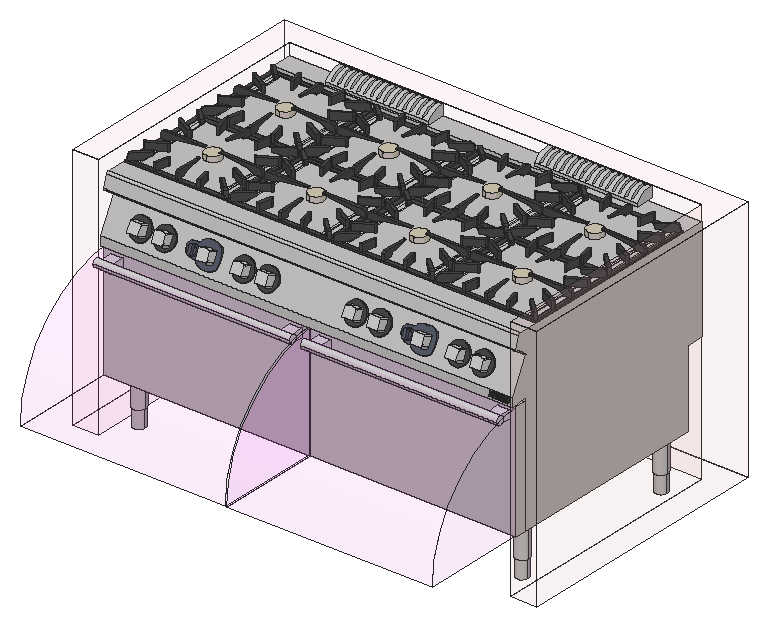
Revit family "QF_ZANUSSI_392272_Z9GCGP8SGA", category Attrezzature speciali, Revit 2020
Family settings
  Quota connettore circolare = Usa diametro
  Tipo di parte = Normale
  Basato su piano di lavoro = No
  Sempre verticale = Sì
  Taglio con vuoti quando caricato = No
  Condiviso = No
  Punto di calcolo locali = No
Parameters (values of type "Standard")
  Weight = 300.00 kg
  Watts = 0 W
  Volts = 0 V
  URL Manufacturer = "http://www.zanussiprofessional.com"
  URL = "http://www.zanussiprofessional.com"
  Steam Supply Size = 0 mm
  Steam Supply Minimum Pressure = 0.0 Pa
  Steam Supply Maximum Pressure = 0.0 Pa
  Steam Consumption per Hour = 0
  Show Logo [instance] = yes
  Show Clearance [instance] = yes
  Refrigeration Suction Line Size = 0 mm
  Refrigeration Liquid Line Size = 0 mm
  Refrigerant Compressor Remote = yes
  Prospetto di default = 0 mm
  Produttore = "Zanussi"
  Phase = 0
  Modello = "Z9GCGP8SGA"
  Length Actual = 1600 mm  # constant formula
  Item Number = "392272"
  Hot Water Size = 0 mm
  Height Actual = 850 mm  # constant formula
  HP = "0 HP"
  Gas Size = 12.7 mm
  Gas KW = 73
  Gas Input Pressure = 0.717211 W
  Direct Waste Size = 0 mm
  Description = "8-BURNER GAS RANGE + 2 GAS OVENS 1600MM "
  Depth Actual = 900 mm  # constant formula
  Cycle = 0 Hz
  Condensate Return Size = 0 mm
  Compressed Air Volume = 0.0 L/s
  Compressed Air Size = 0 mm
  Compressed Air Pressure = 0.0 Pa
  Cold Water Size = 0 mm
  Accessory = yes
Reference planes
  plane 1 "Back": y = 0
  plane 2: z = 0
  plane 3 "Left": x = 0
  plane 4: y = -916
  plane 5: x = 1600
  plane 6: z = 850
  plane 7: x = 800
  plane 8: x = 1700
  plane 9: x = -100
  plane 10: y = 100
  plane 11: y = -128
  plane 12: y = -802
Forms (mm)
  Extrusion 1, solid, material "QF_Finishes_Clearance", visible <- "Show Clearance"
    sketch origin (0, 0, 0) x (1, 0, 0) y (0, 1, 0)
      loop
        line (-100, -927.288) -> (0, -927.288) -> (0, 0) -> (1600, 0) -> (1600, -927.288) -> (1700, -927.288) -> (1700, 100) -> (-100, 100) -> (-100, -927.288)
    from 0 to 958.9
  Extrusion 2, solid, material "QF_Finishes_Stainless Steel"
    sketch origin (0, 50, 661.213) x (0, 1, 0) y (0, 0, 1)
      loop
        line (-50, 238.788) -> (-50, 253.075) -> (-126.2, 253.075) -> (-126.2, 238.788) -> (-50, 238.788)
    from 0 to 1200
  Revolve 3, solid, material "QF_Finishes_Door Clearance", visible <- "Show Clearance"
    sketch origin (0, -857.5, 50) x (1, 0, 0) y (0, 0, 1)
      loop
        line (803.256, 600) -> (803.256, 149) -> (1600, 149) -> (1600, 600) -> (803.256, 600)
      loop
        line (796.744, 600) -> (0, 600) -> (0, 149) -> (796.744, 149) -> (796.744, 600)
      axis (0, 149) -> (1600, 149)
    angle from 0 to -90
  Extrusion 4, solid, material "QF_Finishes_Stainless Steel"
    sketch origin (-303.042, -202, 191.278) x (-1, 0, 0) y (0, -1, 0)
      loop
        circle (-1852.042, 464) r 6.35
    from -1.278 to 7.722
  Extrusion 5, solid, material "QF_Finishes_Stainless Steel"
    sketch origin (-1103.042, -202, 191.278) x (-1, 0, 0) y (0, -1, 0)
      loop
        circle (-1852.042, 464) r 6.35
    from -1.278 to 7.722
Dimensions and locks
  plane 1 "Back" to plane 4 = 916 mm  (x2)
  plane 3 "Left" to plane 5 = 1600 mm
  plane 6 to level = 850 mm
  equal spacing: plane 3 "Left", plane 7, plane 5
  plane 1 "Back" to plane 10 = 100 mm
  plane 5 to plane 8 = 100 mm
  plane 9 to plane 3 "Left" = 100 mm
  Extrusion 1 to plane 11 to plane 12 = 128 mm, 674 mm
  nested 18 to level = 900 mm
  aligned and locked: level to plane 2
Automatic sketch dimensions
  Extrusion 1 sketch curve to plane 9 = 0 mm
  Extrusion 1 sketch curve to plane 3 "Left" = 0 mm
  plane 1 "Back" to Extrusion 1 sketch curve = 0 mm
  Extrusion 1 sketch curve to plane 5 = 0 mm
  Extrusion 1 sketch curve to plane 8 = 0 mm
  Extrusion 1 sketch curve to plane 10 = 0 mm
  Extrusion 1 sketch curve to plane 4 = 11.288 mm  (x2)
  Extrusion 2 sketch curve to plane 1 "Back" = 0 mm
  plane 11 to Extrusion 2 sketch curve = 51.8 mm
  Extrusion 2 sketch curve to plane 6 = 50 mm
  Extrusion 2 sketch curve to Extrusion 2 sketch curve = 14.288 mm
  Revolve 3 sketch curve to plane 3 "Left" = 0 mm
  plane 5 to Revolve 3 sketch curve = 0 mm
  plane 7 to Revolve 3 sketch curve = 3.256 mm
  Revolve 3 sketch curve to plane 7 = 3.256 mm
  Revolve 3 sketch curve to Revolve 3 sketch curve = 0 mm
  plane 6 to Revolve 3 sketch curve = 200 mm  (x2)
  plane 5 to Revolve 3 sketch curve = 199.55 mm
  Revolve 3 sketch curve to Revolve 3 sketch curve = 15.45 mm
  plane 5 to Extrusion 4 sketch curve = 51 mm
  plane 12 to Extrusion 4 sketch curve = 136 mm
  plane 7 to Extrusion 5 sketch curve = 51 mm
  plane 12 to Extrusion 5 sketch curve = 136 mm
  level to Revolve 3 sketch curve = 199 mm  (x2)
  radius of Extrusion 4 sketch curve = 6.35 mm
  radius of Extrusion 5 sketch curve = 6.35 mm
Nested families
  nested 1: "Uscita_Fumi_400" at (1205, -34.925, 914.288), type "Uscita_Fumi_400"
  nested 2: "Uscita_Fumi_400" at (395, -34.925, 914.288) x (-1, 0, 0) z (0, 0, 1), type "Uscita_Fumi_400"
  nested 3: "ZANUSSI_BURNER" at (2.5, -448.125, 50), type "ZANUSSI_BURNER"
    with Status "", Specification by User "", Revision Code "", Item Number "", Installed By "", Identify Quantity as Lot yes, Furnished By "", Foodservice Equipment Identifier yes
  nested 4: "ZANUSSI_BURNER" at (797.4, -448.125, 50) x (-1, 0, 0) z (0, 0, 1), type "ZANUSSI_BURNER"
    with Status "", Specification by User "", Revision Code "", Item Number "", Installed By "", Identify Quantity as Lot yes, Furnished By "", Foodservice Equipment Identifier yes
  nested 5: "ZANUSSI_BURNER" at (804.9, -448.125, 50), type "ZANUSSI_BURNER"
    with Status "", Specification by User "", Revision Code "", Item Number "", Installed By "", Identify Quantity as Lot yes, Furnished By "", Foodservice Equipment Identifier yes
  nested 6: "ZANUSSI_BURNER" at (1597.3, -448.125, 50) x (-1, 0, 0) z (0, 0, 1), type "ZANUSSI_BURNER"
    with Status "", Specification by User "", Revision Code "", Item Number "", Installed By "", Identify Quantity as Lot yes, Furnished By "", Foodservice Equipment Identifier yes
  nested 7: "CONTROLLER_XP-ZAN" at (1513, -887.374, 748.654) x (1, 0, 0) z (0, -0.8956, 0.4448), type "CONTROLLER_XP-ZAN"
  nested 8: "CONTROLLER_XP-ZAN" at (1418, -887.374, 748.654) x (1, 0, 0) z (0, -0.8956, 0.4448), type "CONTROLLER_XP-ZAN"
  nested 9: "CONTROLLER_XP-ZAN" at (1113, -887.374, 748.654) x (1, 0, 0) z (0, -0.8956, 0.4448), type "CONTROLLER_XP-ZAN"
  nested 10: "CONTROLLER_XP-ZAN" at (1018, -887.374, 748.654) x (1, 0, 0) z (0, -0.8956, 0.4448), type "CONTROLLER_XP-ZAN"
  nested 11: "CONTROLLER_DOPPIO_ZAN" at (1206.481, -887.374, 748.654) x (1, 0, 0) z (0, -0.8956, 0.4448), type "CONTROLLER_DOPPIO_ZAN"
  nested 12: "CONTROLLER_XP-ZAN" at (678, -887.374, 748.654) x (1, 0, 0) z (0, -0.8956, 0.4448), type "CONTROLLER_XP-ZAN"
  nested 13: "CONTROLLER_XP-ZAN" at (583, -887.374, 748.654) x (1, 0, 0) z (0, -0.8956, 0.4448), type "CONTROLLER_XP-ZAN"
  nested 14: "CONTROLLER_XP-ZAN" at (278, -887.374, 748.654) x (1, 0, 0) z (0, -0.8956, 0.4448), type "CONTROLLER_XP-ZAN"
  nested 15: "CONTROLLER_XP-ZAN" at (183, -887.374, 748.654) x (1, 0, 0) z (0, -0.8956, 0.4448), type "CONTROLLER_XP-ZAN"
  nested 16: "CONTROLLER_DOPPIO_ZAN" at (371.481, -887.374, 748.654) x (1, 0, 0) z (0, -0.8956, 0.4448), type "CONTROLLER_DOPPIO_ZAN"
  nested 17: "ZANUSSI_Logo" at (1549.92, -916.25, 722.184) x (1, 0, 0) z (0, -1, 0), Show Logo <- "Show Logo", visible <- "Show Logo", type "ZANUSSI_Logo"
    with Show Logo yes
  nested 18: "E700_width160X90Depth_MANIGLLIONE" at (800, -340.304, 50), type "E700_width160X90Depth_MANIGLLIONE"
  nested 19: "ZANUSSI_BURNER" at (2.5, -444.983, 50), type "ZANUSSI_BURNER"
    with Status "", Specification by User "", Revision Code "", Item Number "", Installed By "", Identify Quantity as Lot yes, Furnished By "", Foodservice Equipment Identifier yes
  nested 20: "ZANUSSI_BURNER" at (797.4, -444.983, 50) x (-1, 0, 0) z (0, 0, 1), type "ZANUSSI_BURNER"
    with Status "", Specification by User "", Revision Code "", Item Number "", Installed By "", Identify Quantity as Lot yes, Furnished By "", Foodservice Equipment Identifier yes
  nested 21: "ZANUSSI_BURNER" at (804.9, -444.983, 50), type "ZANUSSI_BURNER"
    with Status "", Specification by User "", Revision Code "", Item Number "", Installed By "", Identify Quantity as Lot yes, Furnished By "", Foodservice Equipment Identifier yes
  nested 22: "ZANUSSI_BURNER" at (1597.3, -444.983, 50) x (-1, 0, 0) z (0, 0, 1), type "ZANUSSI_BURNER"
    with Status "", Specification by User "", Revision Code "", Item Number "", Installed By "", Identify Quantity as Lot yes, Furnished By "", Foodservice Equipment Identifier yes
  nested 23: "Piedino 50xH200_par" at (56, -128.017, 0), type "Piedino 50xH200_par"
    with H 200 mm
  nested 24: "Piedino 50xH200_par" at (1544, -128.017, 0), type "Piedino 50xH200_par"
    with H 200 mm
  nested 25: "Piedino 50xH200_par" at (1544, -802, 0), type "Piedino 50xH200_par"
    with H 200 mm
  nested 26: "Piedino 50xH200_par" at (56, -802, 0), type "Piedino 50xH200_par"
    with H 200 mm
Connectors
  piping at (1549, -666, 190), diameter 12.7, driven by "Gas Size"
    settings: on Extrusion 4, index 15, connector inside diameter 12.8 mm, connector length 0 mm, flow factor 0, pipe flow 0.0 L/s, pressure drop 0.0 Pa, fitting loss kfactor 0, connector angle 0.00°, fixture units 0, engagement length 0 mm, angle of deflection 0.00°, flow configuration 1, flow direction 1, fitting loss method 0, system type 29, joint type 0, gender type 0, connector reference index -1, connector utility 0, adjustable connector no, is connector primary yes, connector description "Gas Connection"
  piping at (749, -666, 190), diameter 12.7, driven by "Gas Size"
    settings: on Extrusion 5, index 16, connector inside diameter 12.8 mm, connector length 0 mm, flow factor 0, pipe flow 0.0 L/s, pressure drop 0.0 Pa, fitting loss kfactor 0, connector angle 0.00°, fixture units 0, engagement length 0 mm, angle of deflection 0.00°, flow configuration 1, flow direction 1, fitting loss method 0, system type 29, joint type 0, gender type 0, connector reference index -1, connector utility 0, adjustable connector no, is connector primary no, connector description "Gas Connection"
Definition of nested family "Uscita_Fumi_400"
  Parameters (values of type "Uscita_Fumi_400")
    Default Elevation = 1219.2 mm
  Reference planes
    plane 1 "Centro (Fronte/Retro)": y = 0
    plane 2: z = 0
    plane 3 "Centro (Sinistra/Destra)": x = 0
  Forms (mm)
    Extrusion 1, solid
      sketch origin (0, 0, 0) x (1, 0, 0) y (0, 1, 0)
        loop
          line (-1219.2, 1219.2) -> (-1219.2, -1219.2) -> (1219.2, -1219.2) -> (1219.2, 1219.2) -> (-1219.2, 1219.2)
      from 0 to -304.8
    Extrusion 2, solid
      sketch origin (-200, 34.925, -289.638) x (0, 1, 0) y (0, 0, 1)
        loop
          line (0, 289.638) -> (0, 331.738)
          arc (0, 331.738) -> (-38.857, 324.552) -> (-69.85, 300.038) r 82.056
          line (-69.85, 300.038) -> (-69.85, 289.638) -> (0, 289.638)
      from 0 to 400
    Extrusion 3, void
      sketch origin (-262.5, 34.925, -15) x (0, -1, 0) y (1, 0, 0)
        loop
          line (63.911, 115.464) -> (6.761, 115.464) -> (6.761, 106.168) -> (63.911, 106.168) -> (63.911, 115.464)
        loop
          line (63.911, 140.952) -> (6.761, 140.952) -> (6.761, 131.656) -> (63.911, 131.656) -> (63.911, 140.952)
        loop
          line (63.911, 166.44) -> (6.761, 166.44) -> (6.761, 157.145) -> (63.911, 157.145) -> (63.911, 166.44)
        loop
          line (63.911, 191.929) -> (6.761, 191.929) -> (6.761, 182.633) -> (63.911, 182.633) -> (63.911, 191.929)
        loop
          line (63.911, 217.417) -> (6.761, 217.417) -> (6.761, 208.121) -> (63.911, 208.121) -> (63.911, 217.417)
        loop
          line (63.911, 242.905) -> (6.761, 242.905) -> (6.761, 233.61) -> (63.911, 233.61) -> (63.911, 242.905)
        loop
          line (63.911, 268.394) -> (6.761, 268.394) -> (6.761, 259.098) -> (63.911, 259.098) -> (63.911, 268.394)
        loop
          line (63.911, 293.882) -> (6.761, 293.882) -> (6.761, 284.586) -> (63.911, 284.586) -> (63.911, 293.882)
        loop
          line (63.911, 319.37) -> (6.761, 319.37) -> (6.761, 310.075) -> (63.911, 310.075) -> (63.911, 319.37)
        loop
          line (63.911, 344.859) -> (6.761, 344.859) -> (6.761, 335.563) -> (63.911, 335.563) -> (63.911, 344.859)
        loop
          line (63.911, 370.347) -> (6.761, 370.347) -> (6.761, 361.051) -> (63.911, 361.051) -> (63.911, 370.347)
        loop
          line (63.911, 393.394) -> (6.761, 393.394) -> (6.761, 384.098) -> (63.911, 384.098) -> (63.911, 393.394)
        loop
          line (63.911, 418.882) -> (6.761, 418.882) -> (6.761, 409.586) -> (63.911, 409.586) -> (63.911, 418.882)
        loop
          line (63.911, 444.383) -> (6.761, 444.383) -> (6.761, 435.087) -> (63.911, 435.087) -> (63.911, 444.383)
        loop
          line (63.911, 89.964) -> (6.761, 89.964) -> (6.761, 80.668) -> (63.911, 80.668) -> (63.911, 89.964)
      from 25.4 to 63.5
  Cuts and joins
    Extrusion 3 cuts Extrusion 2
  Dimensions and locks
    cut or joined group of Extrusion 2, Extrusion 3 to cut or joined group of Extrusion 2, Extrusion 3 = 400 mm
    aligned and locked: plane 2 to Extrusion 1
    aligned and locked: level to Extrusion 1
Definition of nested family "ZANUSSI_BURNER"
  Parameters (values of type "ZANUSSI_BURNER")
    Weight in Pounds = 0
    URL Cutsheet = ""
    URL = "www.electrolux.com"
    Type Mark [instance] = ""
    Status [instance] = ""
    Specification by User [instance] = ""
    Specification by Manufacturer = ""
    Show Clearance [instance] = yes
    Serial Number = ""
    Seismic Rating = ""
    SMACNA No = ""
    Revision Code [instance] = ""
    Default Elevation = 0 mm
    Omniclass Number and Title = ""
    NAFEM Spec ID Number = ""
    Model = "392010"
    Masterspec = ""
    Manufacturer = "ELECTROLUX"
    Item Number [instance] = ""
    Installed By [instance] = ""
    Identify Quantity as Lot [instance] = yes
    Furnished By [instance] = ""
    Foodservice Equipment Identifier [instance] = yes
    Description = ""
    CSI MasterFormat = ""
    CSI Master Format = ""
  Reference planes
    plane 1 "BACK": y = 0
    plane 2: z = 0
    plane 3 "LEFT": x = 0
    plane 4 "RIGHT": x = 393.7
    plane 5 "FRONT": y = -355.6
    plane 6 "TOP": z = 908.85
    plane 7 "Center Y": x = 196.85
    plane 8 "Center X": y = -177.8
    plane 9 "Base": z = 150
    plane 10: z = 850.85
  Forms (mm)
    Extrusion 1, solid
      sketch origin (-6.433, -404.961, 5) x (1, 0, 0) y (0, 0, -1)
        loop
          arc (7.142, -850.85) -> (6.739, -862.989) -> (9.761, -874.752) r 42.809
          line (9.761, -874.752) -> (19.961, -879.425) -> (173.122, -879.425)
          arc (173.122, -879.425) -> (174.316, -878.312) -> (173.289, -877.043) r 1.197
          line (173.289, -877.043) -> (64.848, -864.021)
          arc (64.848, -864.021) -> (50.111, -858.738) -> (36.589, -850.85) r 85.245
          line (36.589, -850.85) -> (7.142, -850.85)
        loop
          line (399.424, -850.85) -> (369.977, -850.85)
          arc (369.977, -850.85) -> (356.455, -858.738) -> (341.718, -864.021) r 85.245
          line (341.718, -864.021) -> (233.277, -877.043)
          arc (233.277, -877.043) -> (232.25, -878.312) -> (233.444, -879.425) r 1.197
          line (233.444, -879.425) -> (386.605, -879.425) -> (396.806, -874.752)
          arc (396.806, -874.752) -> (399.827, -862.989) -> (399.424, -850.85) r 42.809
      from 224.564 to 234.564
    Extrusion 2, solid
      sketch origin (196.85, 175.397, 1219.2) x (0, 1, 0) y (0, 0, 1)
        loop
          line (-204.463, -363.35) -> (-175.397, -363.35) -> (-175.397, -339.506)
          arc (-175.397, -339.506) -> (-181.025, -338.266) -> (-185.611, -334.775) r 13.39
          line (-185.611, -334.775) -> (-278.903, -334.775)
          arc (-278.903, -334.775) -> (-280.097, -335.888) -> (-279.07, -337.157) r 1.197
          line (-279.07, -337.157) -> (-227.151, -347.464)
          arc (-227.151, -347.464) -> (-213.741, -352.457) -> (-204.463, -363.35) r 28.426
        loop
          arc (-496.332, -363.35) -> (-487.053, -352.457) -> (-473.644, -347.464) r 28.426
          line (-473.644, -347.464) -> (-421.725, -337.157)
          arc (-421.725, -337.157) -> (-420.697, -335.888) -> (-421.891, -334.775) r 1.197
          line (-421.891, -334.775) -> (-515.184, -334.775)
          arc (-515.184, -334.775) -> (-519.769, -338.266) -> (-525.397, -339.506) r 13.39
          line (-525.397, -339.506) -> (-525.397, -363.35) -> (-496.332, -363.35)
      from -5 to 5
    Extrusion 3, solid
      sketch origin (-6.433, 367.064, 850.85) x (0, -1, 0) y (1, 0, 0)
        loop
          line (722.664, 6.433) -> (722.664, 400.133) -> (367.064, 400.133) -> (367.064, 6.433) -> (722.664, 6.433)
        loop
          line (382.064, 21.433) -> (707.664, 21.433) -> (707.664, 385.133) -> (382.064, 385.133) -> (382.064, 21.433)
      from 0 to 5
    Extrusion 4, solid
      sketch origin (-18.933, 367.064, 855.85) x (0, -1, 0) y (1, 0, 0)
        loop
          circle (541.667, 215.783) r 30
      from -1.321 to 17.134
    Extrusion 5, solid
      sketch origin (-6.433, -367.064, 0) x (1, 0, 0) y (0, 0, -1)
        loop
          line (21.433, -855.85) -> (36.589, -855.85)
          arc (36.589, -855.85) -> (40.561, -855.243) -> (44.305, -853.783) r 18.259
          arc (44.305, -853.783) -> (45.997, -853.366) -> (47.69, -853.783) r 3.649
          arc (47.69, -853.783) -> (49.901, -854.522) -> (52.232, -854.529) r 7.328
          line (52.232, -854.529) -> (354.334, -854.529)
          arc (354.334, -854.529) -> (356.666, -854.522) -> (358.877, -853.783) r 7.328
          arc (358.877, -853.783) -> (360.569, -853.366) -> (362.261, -853.783) r 3.649
          arc (362.261, -853.783) -> (366.005, -855.243) -> (369.977, -855.85) r 18.259
          line (369.977, -855.85) -> (385.133, -855.85) -> (385.133, -850.85) -> (21.433, -850.85) -> (21.433, -855.85)
      from 26.464 to 352.064
    Extrusion 6, solid
      sketch origin (83.284, -458.334, 5) x (0.742103, 0.670286, 0) y (0, 0, -1)
        loop
          arc (88.629, -864.012) -> (73.909, -858.731) -> (60.402, -850.85) r 85.245
          line (60.402, -850.85) -> (14.993, -850.85)
          arc (14.993, -850.85) -> (14.642, -862.948) -> (17.686, -874.663) r 42.876
          line (17.686, -874.663) -> (27.899, -879.425) -> (89.664, -879.425)
          arc (89.664, -879.425) -> (92.39, -878.352) -> (93.654, -875.709) r 4
          arc (93.654, -875.709) -> (92.562, -869.25) -> (88.629, -864.012) r 13.87
        loop
          arc (457.638, -864.012) -> (453.704, -869.25) -> (452.613, -875.709) r 13.87
          arc (452.613, -875.709) -> (453.876, -878.352) -> (456.603, -879.425) r 4
          line (456.603, -879.425) -> (518.367, -879.425) -> (528.581, -874.663)
          arc (528.581, -874.663) -> (531.624, -862.948) -> (531.273, -850.85) r 42.876
          line (531.273, -850.85) -> (485.865, -850.85)
          arc (485.865, -850.85) -> (472.357, -858.731) -> (457.638, -864.012) r 85.245
      from 127.064 to 137.064
    Extrusion 7, solid
      sketch origin (310.416, -458.334, 5) x (-0.742103, 0.670286, 0) y (0, 0, 1)
        loop
          arc (88.629, 864.012) -> (92.562, 869.25) -> (93.654, 875.709) r 13.87
          arc (93.654, 875.709) -> (92.39, 878.352) -> (89.664, 879.425) r 4
          line (89.664, 879.425) -> (27.899, 879.425) -> (17.686, 874.663)
          arc (17.686, 874.663) -> (14.642, 862.948) -> (14.993, 850.85) r 42.876
          line (14.993, 850.85) -> (60.402, 850.85)
          arc (60.402, 850.85) -> (73.909, 858.731) -> (88.629, 864.012) r 85.245
        loop
          arc (457.638, 864.012) -> (472.357, 858.731) -> (485.865, 850.85) r 85.245
          line (485.865, 850.85) -> (531.273, 850.85)
          arc (531.273, 850.85) -> (531.624, 862.948) -> (528.581, 874.663) r 42.876
          line (528.581, 874.663) -> (518.367, 879.425) -> (456.603, 879.425)
          arc (456.603, 879.425) -> (453.876, 878.352) -> (452.613, 875.709) r 4
          arc (452.613, 875.709) -> (453.704, 869.25) -> (457.638, 864.012) r 13.87
      from 127.064 to 137.064
    Extrusion 8, solid
      sketch origin (-6.433, 367.064, 855.85) x (0, -1, 0) y (1, 0, 0)
        loop
          arc (626.166, 9.428) -> (632.956, 7.454) -> (634.93, 14.244) r 5
          line (634.93, 14.244) -> (600.514, 76.878)
          arc (600.514, 76.878) -> (593.724, 78.852) -> (591.75, 72.062) r 5
          line (591.75, 72.062) -> (626.166, 9.428)
        loop
          line (463.562, 9.428) -> (497.977, 72.062)
          arc (497.977, 72.062) -> (496.003, 78.852) -> (489.213, 76.878) r 5
          line (489.213, 76.878) -> (454.798, 14.244)
          arc (454.798, 14.244) -> (456.772, 7.454) -> (463.562, 9.428) r 5
        loop
          line (626.166, 397.138) -> (591.75, 334.504)
          arc (591.75, 334.504) -> (593.724, 327.714) -> (600.514, 329.689) r 5
          line (600.514, 329.689) -> (634.93, 392.323)
          arc (634.93, 392.323) -> (632.956, 399.113) -> (626.166, 397.138) r 5
        loop
          arc (463.562, 397.138) -> (456.772, 399.113) -> (454.798, 392.323) r 5
          line (454.798, 392.323) -> (489.213, 329.689)
          arc (489.213, 329.689) -> (496.003, 327.714) -> (497.977, 334.504) r 5
          line (497.977, 334.504) -> (463.562, 397.138)
        loop
          line (715.14, 293.499) -> (666.703, 282.317)
          arc (666.703, 282.317) -> (662.956, 276.32) -> (668.953, 272.573) r 5
          line (668.953, 272.573) -> (717.389, 283.756)
          arc (717.389, 283.756) -> (721.136, 289.752) -> (715.14, 293.499) r 5
        loop
          arc (715.14, 113.067) -> (721.136, 116.814) -> (717.389, 122.811) r 5
          line (717.389, 122.811) -> (668.953, 133.993)
          arc (668.953, 133.993) -> (662.956, 130.246) -> (666.703, 124.249) r 5
          line (666.703, 124.249) -> (715.14, 113.067)
        loop
          arc (374.588, 293.499) -> (368.591, 289.752) -> (372.338, 283.756) r 5
          line (372.338, 283.756) -> (420.775, 272.573)
          arc (420.775, 272.573) -> (426.771, 276.32) -> (423.024, 282.317) r 5
          line (423.024, 282.317) -> (374.588, 293.499)
        loop
          line (374.588, 113.067) -> (423.024, 124.249)
          arc (423.024, 124.249) -> (426.771, 130.246) -> (420.775, 133.993) r 5
          line (420.775, 133.993) -> (372.338, 122.811)
          arc (372.338, 122.811) -> (368.591, 116.814) -> (374.588, 113.067) r 5
      from 0 to 28.575
  Lines and regions (mm)
    symbolic lines
      curve 1: line (157.475, -170.397, 150) -> (157.475, -15, 150)
      curve 2: line (236.225, -170.397, 150) -> (236.225, -15, 150)
      curve 3: arc (158.678, -180.397, 0) -> (170.734, -200.207, 0) -> (191.85, -209.795, 0) r 39.375
      curve 4: line (163.825, -170.397, 150) -> (163.825, -15, 150)
      curve 5: line (229.875, -170.397, 150) -> (229.875, -15, 150)
      curve 6: line (144.775, -170.397, 150) -> (144.775, -15, 150)
      curve 7: line (248.925, -170.397, 150) -> (248.925, -15, 150)
      curve 8: arc (145.678, -180.397, 0) -> (161.728, -209.187, 0) -> (191.85, -222.573, 0) r 52.075
      curve 9: arc (201.85, -209.795, 0) -> (222.966, -200.207, 0) -> (235.022, -180.397, 0) r 39.375
      curve 10: arc (201.85, -222.573, 0) -> (231.931, -209.224, 0) -> (248.001, -180.504, 0) r 52.075
  Dimensions and locks
    equal spacing: plane 3 "LEFT", plane 7 "Center Y", plane 4 "RIGHT"
    plane 3 "LEFT" to plane 4 "RIGHT" = 393.7 mm
    equal spacing: plane 5 "FRONT", plane 8 "Center X", plane 1 "BACK"
    plane 5 "FRONT" to plane 1 "BACK" = 355.6 mm
    plane 6 "TOP" to level = 908.85 mm
    plane 9 "Base" to level = 150 mm
    plane 6 "TOP" to plane 10 = 58 mm  (x2)
    locked: Extrusion 4 sketch curve to plane 7 "Center Y" at 0
    aligned and locked: level to plane 2
  Automatic sketch dimensions
    plane 1 "BACK" to curve 7 = 15 mm
    plane 7 "Center Y" to curve 7 = 52.075 mm
    curve 7 to curve 2 = 12.7 mm
    curve 2 to curve 5 = 6.35 mm
    curve 4 to curve 1 = 6.35 mm
    plane 8 "Center X" to curve 6 = 7.403 mm
    curve 1 to curve 6 = 12.7 mm
    plane 3 "LEFT" to Extrusion 1 sketch curve = 0.709 mm
    plane 3 "LEFT" to Extrusion 1 sketch curve = 3.327 mm
    Extrusion 1 sketch curve to Extrusion 1 sketch curve = 10.201 mm
    plane 10 to Extrusion 1 sketch curve = 5 mm  (x2)
    Extrusion 1 sketch curve to Extrusion 1 sketch curve = 29.447 mm
    Extrusion 1 sketch curve to Extrusion 1 sketch curve = 12.704 mm  (x2)
    Extrusion 1 sketch curve to Extrusion 1 sketch curve = 15.555 mm  (x2)
    plane 3 "LEFT" to Extrusion 1 sketch curve = 79.689 mm
    Extrusion 1 sketch curve to plane 7 "Center Y" = 30.161 mm
    Extrusion 1 sketch curve to Extrusion 1 sketch curve = 0.167 mm  (x2)
    plane 7 "Center Y" to Extrusion 1 sketch curve = 29.994 mm
    Extrusion 1 sketch curve to plane 4 "RIGHT" = 79.689 mm
    plane 10 to Extrusion 1 sketch curve = 18.171 mm
    Extrusion 1 sketch curve to plane 4 "RIGHT" = 58.415 mm
    Extrusion 1 sketch curve to plane 4 "RIGHT" = 13.528 mm
    Extrusion 1 sketch curve to plane 4 "RIGHT" = 3.327 mm
    Extrusion 1 sketch curve to plane 4 "RIGHT" = 0.709 mm
    Extrusion 1 sketch curve to Extrusion 1 sketch curve = 23.902 mm  (x2)
    Extrusion 1 sketch curve to plane 6 "TOP" = 26.807 mm  (x2)
    Extrusion 1 sketch curve to Extrusion 1 sketch curve = 1.185 mm  (x2)
    Extrusion 1 sketch curve to Extrusion 1 sketch curve = 5.694 mm
    Extrusion 2 sketch curve to plane 1 "BACK" = 0 mm
    plane 1 "BACK" to Extrusion 2 sketch curve = 10.213 mm
    plane 10 to Extrusion 2 sketch curve = 5 mm  (x2)
    plane 1 "BACK" to Extrusion 2 sketch curve = 29.066 mm
    plane 10 to Extrusion 2 sketch curve = 20.886 mm
    Extrusion 2 sketch curve to Extrusion 2 sketch curve = 22.688 mm  (x2)
    Extrusion 2 sketch curve to plane 10 = 7.392 mm  (x2)
    Extrusion 2 sketch curve to plane 6 "TOP" = 24.425 mm
    Extrusion 2 sketch curve to Extrusion 2 sketch curve = 51.752 mm
    Extrusion 2 sketch curve to plane 6 "TOP" = 26.807 mm  (x2)
    Extrusion 2 sketch curve to Extrusion 2 sketch curve = 0.167 mm  (x2)
    Extrusion 2 sketch curve to plane 8 "Center X" = 68.528 mm
    Extrusion 2 sketch curve to plane 5 "FRONT" = 60.248 mm
    Extrusion 2 sketch curve to Extrusion 2 sketch curve = 2.895 mm
    Extrusion 2 sketch curve to plane 5 "FRONT" = 15.813 mm
    Extrusion 2 sketch curve to plane 5 "FRONT" = 5.6 mm
    Extrusion 2 sketch curve to Extrusion 2 sketch curve = 4.731 mm
    Extrusion 2 sketch curve to Extrusion 2 sketch curve = 23.844 mm
    Extrusion 2 sketch curve to Extrusion 2 sketch curve = 1.185 mm
    plane 1 "BACK" to Extrusion 3 sketch curve = 0 mm
    Extrusion 3 sketch curve to plane 3 "LEFT" = 0 mm
    plane 5 "FRONT" to Extrusion 3 sketch curve = 0 mm
    Extrusion 3 sketch curve to plane 4 "RIGHT" = 0 mm
    plane 1 "BACK" to Extrusion 3 sketch curve = 15 mm
    Extrusion 3 sketch curve to plane 5 "FRONT" = 15 mm
    plane 3 "LEFT" to Extrusion 3 sketch curve = 15 mm
    Extrusion 3 sketch curve to plane 4 "RIGHT" = 15 mm
    Extrusion 3 to Extrusion 4 sketch curve = 159.603 mm
    Extrusion 5 sketch curve to plane 10 = 0 mm
    plane 3 "LEFT" to Extrusion 5 sketch curve = 15 mm
    Extrusion 5 sketch curve to Extrusion 5 sketch curve = 14.402 mm
    plane 10 to Extrusion 5 sketch curve = 5 mm
    Extrusion 5 sketch curve to Extrusion 5 sketch curve = 15.156 mm
    plane 10 to Extrusion 5 sketch curve = 2.933 mm  (x3)
    Extrusion 5 sketch curve to Extrusion 5 sketch curve = 7.716 mm  (x2)
    Extrusion 5 sketch curve to Extrusion 5 sketch curve = 0 mm  (x3)
    Extrusion 5 sketch curve to Extrusion 5 sketch curve = 1.692 mm  (x2)
    Extrusion 5 sketch curve to Extrusion 5 sketch curve = 3.385 mm  (x2)
    Extrusion 5 sketch curve to plane 10 = 3.559 mm  (x2)
    plane 10 to Extrusion 5 sketch curve = 3.679 mm
    Extrusion 5 sketch curve to plane 4 "RIGHT" = 45.799 mm
    Extrusion 5 sketch curve to Extrusion 5 sketch curve = 1.143 mm
    Extrusion 5 sketch curve to plane 10 = 13.244 mm
    Extrusion 5 sketch curve to plane 4 "RIGHT" = 15 mm
    plane 10 to Extrusion 6 sketch curve = 5 mm  (x2)
    Extrusion 6 sketch curve to Extrusion 6 sketch curve = 2.692 mm  (x2)
    Extrusion 6 sketch curve to Extrusion 6 sketch curve = 10.213 mm  (x2)
    plane 10 to Extrusion 6 sketch curve = 12.281 mm
    Extrusion 6 sketch curve to Extrusion 6 sketch curve = 29.348 mm  (x2)
    Extrusion 6 sketch curve to Extrusion 6 sketch curve = 3.155 mm  (x2)
    Extrusion 6 sketch curve to Extrusion 6 sketch curve = 22.572 mm
    Extrusion 6 sketch curve to Extrusion 6 sketch curve = 8.81 mm
    Extrusion 6 sketch curve to Extrusion 6 sketch curve = 9.845 mm  (x2)
    Extrusion 6 sketch curve to Extrusion 6 sketch curve = 3.99 mm  (x2)
    Extrusion 6 sketch curve to Extrusion 6 sketch curve = 0 mm  (x2)
    Extrusion 6 sketch curve to Extrusion 6 sketch curve = 49.533 mm
    Extrusion 6 sketch curve to plane 10 = 64.377 mm
    Extrusion 6 sketch curve to Extrusion 6 sketch curve = 326.397 mm
    Extrusion 6 sketch curve to plane 6 "TOP" = 28.141 mm
    Extrusion 6 sketch curve to Extrusion 6 sketch curve = 16.281 mm
    Extrusion 6 sketch curve to Extrusion 6 sketch curve = 1.035 mm
    Extrusion 6 sketch curve to Extrusion 6 sketch curve = 19.417 mm
    Extrusion 6 sketch curve to Extrusion 6 sketch curve = 4.763 mm  (x2)
    Extrusion 6 sketch curve to Extrusion 6 sketch curve = 3.716 mm
    plane 10 to Extrusion 7 sketch curve = 5 mm  (x2)
    Extrusion 7 sketch curve to Extrusion 7 sketch curve = 2.692 mm  (x2)
    Extrusion 7 sketch curve to Extrusion 7 sketch curve = 10.213 mm  (x2)
    plane 10 to Extrusion 7 sketch curve = 12.281 mm
    Extrusion 7 sketch curve to Extrusion 7 sketch curve = 29.348 mm  (x2)
    Extrusion 7 sketch curve to Extrusion 7 sketch curve = 3.155 mm  (x2)
    Extrusion 7 sketch curve to Extrusion 7 sketch curve = 22.572 mm
    Extrusion 7 sketch curve to Extrusion 7 sketch curve = 8.81 mm
    Extrusion 7 sketch curve to Extrusion 7 sketch curve = 9.845 mm  (x2)
    Extrusion 7 sketch curve to Extrusion 7 sketch curve = 3.99 mm  (x2)
    Extrusion 7 sketch curve to Extrusion 7 sketch curve = 0 mm  (x2)
    Extrusion 7 sketch curve to Extrusion 7 sketch curve = 21.306 mm
    Extrusion 7 sketch curve to plane 10 = 64.377 mm  (x2)
    Extrusion 7 sketch curve to Extrusion 7 sketch curve = 326.397 mm
    Extrusion 7 sketch curve to plane 6 "TOP" = 28.141 mm
    Extrusion 7 sketch curve to Extrusion 7 sketch curve = 16.281 mm
    Extrusion 7 sketch curve to Extrusion 7 sketch curve = 1.035 mm
    Extrusion 7 sketch curve to Extrusion 7 sketch curve = 19.417 mm
    Extrusion 7 sketch curve to Extrusion 7 sketch curve = 7.281 mm
    Extrusion 7 sketch curve to Extrusion 7 sketch curve = 10.713 mm
    curve 3 to curve 8 = 0 mm  (x2)
    curve 3 to curve 9 = 0 mm  (x2)
    curve 3 to curve 10 = 0 mm  (x2)
    curve 3 to plane 7 "Center Y" = 0 mm
    curve 8 to plane 8 "Center X" = 2.597 mm
    curve 8 to plane 7 "Center Y" = 51.172 mm
    curve 3 to plane 8 "Center X" = 2.597 mm
    curve 8 to curve 3 = 12.999 mm
    curve 3 to plane 7 "Center Y" = 5 mm
    curve 8 to plane 7 "Center Y" = 5 mm
    plane 7 "Center Y" to curve 10 = 5 mm
    curve 9 to plane 8 "Center X" = 2.597 mm
    plane 7 "Center Y" to curve 9 = 38.172 mm
    curve 10 to plane 8 "Center X" = 2.704 mm
    curve 9 to curve 10 = 12.979 mm
    curve 10 to plane 8 "Center X" = 44.773 mm
    Extrusion 8 sketch curve to Extrusion 3 = 5.275 mm  (x2)
    Extrusion 8 sketch curve to Extrusion 8 sketch curve = 1.125 mm  (x16)
    Extrusion 3 to Extrusion 8 sketch curve = 38.711 mm  (x2)
    Extrusion 8 sketch curve to Extrusion 3 = 7.19 mm  (x3)
    Extrusion 3 to Extrusion 8 sketch curve = 72.734 mm  (x2)
    Extrusion 8 sketch curve to Extrusion 8 sketch curve = 4.382 mm  (x16)
    Extrusion 8 sketch curve to Extrusion 3 = 2.995 mm  (x4)
    Extrusion 8 sketch curve to Extrusion 8 sketch curve = 34.416 mm  (x4)
    Extrusion 3 to Extrusion 8 sketch curve = 50.629 mm  (x3)
    Extrusion 8 sketch curve to Extrusion 8 sketch curve = 93.773 mm  (x2)
    Extrusion 3 to Extrusion 8 sketch curve = 40.96 mm  (x2)
    Extrusion 8 sketch curve to Extrusion 3 = 7.476 mm  (x2)
    Extrusion 8 sketch curve to Extrusion 8 sketch curve = 2.408 mm  (x4)
    Extrusion 3 to Extrusion 8 sketch curve = 91.634 mm  (x2)
    Extrusion 8 sketch curve to Extrusion 8 sketch curve = 4.872 mm  (x8)
    Extrusion 8 sketch curve to Extrusion 8 sketch curve = 11.182 mm  (x4)
    Extrusion 3 to Extrusion 8 sketch curve = 112.56 mm
    Extrusion 8 sketch curve to Extrusion 8 sketch curve = 61.931 mm
    Extrusion 3 to Extrusion 8 sketch curve = 55.445 mm
    Extrusion 8 sketch curve to Extrusion 8 sketch curve = 4.816 mm
    plane 7 "Center Y" to curve 9 = 5 mm
    plane 8 "Center X" to curve 4 = 7.403 mm
    curve 4 to plane 7 "Center Y" = 33.025 mm
    plane 1 "BACK" to curve 1 = 15 mm
    plane 1 "BACK" to curve 5 = 15 mm
    curve 5 to curve 2 = 0 mm  (x2)
    curve 1 to curve 4 = 0 mm  (x2)
    curve 6 to curve 1 = 0 mm
    plane 8 "Center X" to curve 2 = 7.403 mm
    plane 8 "Center X" to curve 7 = 7.403 mm
    radius of Extrusion 4 sketch curve = 30 mm
Definition of nested family "CONTROLLER_XP-ZAN"
  Parameters (values of type "CONTROLLER_XP-ZAN")
    Default Elevation = 0 mm
  Reference planes
    plane 1 "Centro (Fronte/Retro)": y = 0
    plane 2: z = 0
    plane 3 "Centro (Sinistra/Destra)": x = 0
    plane 4: x = -51.067
    plane 5: x = 51.067
    plane 6: x = 93.481
    plane 7: x = -93.481
  Forms (mm)
    Extrusion 1, solid
      sketch origin (0, 0, 0) x (1, 0, 0) y (0, 1, 0)
        loop
          line (-1219.2, 1219.2) -> (-1219.2, -1219.2) -> (1219.2, -1219.2) -> (1219.2, 1219.2) -> (-1219.2, 1219.2)
      from 0 to -304.8
    Extrusion 2, solid
      sketch origin (-46.381, -48.923, 0) x (1, 0, 0) y (0, 1, 0)
        loop
          circle (-4.687, 48.923) r 42.414
      from 0 to 3.175
    Blend 3, solid
      base sketch origin (-46.381, -48.923, 3.175) x (1, 0, 0) y (0, 1, 0)
        loop
          line (-23.687, 25.923) -> (14.313, 25.923)
          arc (14.313, 25.923) -> (17.142, 27.095) -> (18.313, 29.923) r 4
          line (18.313, 29.923) -> (18.313, 66.519)
          arc (18.313, 66.519) -> (17.342, 69.132) -> (14.901, 70.476) r 4
          arc (14.901, 70.476) -> (-4.687, 71.923) -> (-24.275, 70.476) r 133.25
          arc (-24.275, 70.476) -> (-26.716, 69.132) -> (-27.687, 66.519) r 4
          line (-27.687, 66.519) -> (-27.687, 29.923)
          arc (-27.687, 29.923) -> (-26.515, 27.095) -> (-23.687, 25.923) r 4
      top sketch origin (-46.381, -48.923, 3.175) x (1, 0, 0) y (0, 1, 0)
        loop
          line (-25.687, 66.519) -> (-25.687, 29.923)
          arc (-25.687, 29.923) -> (-25.101, 28.509) -> (-23.687, 27.923) r 2
          line (-23.687, 27.923) -> (14.313, 27.923)
          arc (14.313, 27.923) -> (15.727, 28.509) -> (16.313, 29.923) r 2
          line (16.313, 29.923) -> (16.313, 66.519)
          arc (16.313, 66.519) -> (15.828, 67.825) -> (14.607, 68.498) r 2
          arc (14.607, 68.498) -> (-4.687, 69.923) -> (-23.981, 68.498) r 131.25
          arc (-23.981, 68.498) -> (-25.201, 67.825) -> (-25.687, 66.519) r 2
      from 0 to 33
  Lines and regions (mm)
    Split face 1
      outline origin (-46.381, -48.923, 36.175) x (1, 0, 0) y (0, 1, 0)
        loop
          line (-6.687, 69.908) -> (-6.687, 62.923) -> (-2.687, 62.923) -> (-2.687, 69.908)
  Dimensions and locks
    aligned and locked: plane 2 to Extrusion 1
    aligned and locked: level to Extrusion 1
Definition of nested family "CONTROLLER_DOPPIO_ZAN"
  Parameters (values of type "CONTROLLER_DOPPIO_ZAN")
    Default Elevation = 1219.2 mm
  Reference planes
    plane 1 "Centro (Fronte/Retro)": y = 0
    plane 2: z = 0
    plane 3 "Centro (Sinistra/Destra)": x = 0
  Forms (mm)
    Extrusion 1, solid
      sketch origin (0, 0, 0) x (1, 0, 0) y (0, 1, 0)
        loop
          line (-1219.2, 1219.2) -> (-1219.2, -1219.2) -> (1219.2, -1219.2) -> (1219.2, 1219.2) -> (-1219.2, 1219.2)
      from 0 to -304.8
    Extrusion 2, solid
      sketch origin (-514.313, -66.838, -0.005) x (0, 1, 0.000275) y (-1, 0, 0)
        loop
          arc (104.31, -502.587) -> (101.304, -501.269) -> (98.251, -500.06) r 91.047
          arc (98.251, -500.06) -> (96.593, -482.459) -> (93.213, -465.107) r 179.528
          arc (93.213, -465.107) -> (69.244, -452.795) -> (45.274, -465.107) r 29.489
          arc (45.274, -465.107) -> (38.909, -481.441) -> (37.449, -498.912) r 61.044
          arc (37.449, -498.912) -> (34.471, -499.962) -> (31.532, -501.116) r 91.066
          arc (31.532, -501.116) -> (19.069, -540.041) -> (31.818, -578.873) r 66.256
          arc (31.818, -578.873) -> (68.058, -585.586) -> (104.006, -577.452) r 91.478
          arc (104.006, -577.452) -> (115.815, -540.067) -> (104.31, -502.587) r 65.933
      from 0 to 3.175
    Extrusion 3, solid
      sketch origin (-193.063, -68.823, 3.169) x (0, 1, 0.000275) y (-1, 0, 0)
        loop
          circle (68.826, -160.963) r 18.37
      from 0 to 12.7
    Extrusion 4, solid
      sketch origin (-194.354, -68.826, 15.869) x (0, 1, 0.000275) y (-1, 0, 0)
        loop
          arc (84.808, -167.687) -> (85.476, -161.901) -> (84.808, -156.114) r 25.4
          line (84.808, -156.114) -> (52.844, -156.114)
          arc (52.844, -156.114) -> (52.176, -161.901) -> (52.844, -167.687) r 25.4
          line (52.844, -167.687) -> (84.808, -167.687)
      from 0 to 8.112
    Blend 5, solid
      base sketch origin (30.393, -48.221, 3.19) x (1, 0, 0) y (0, 1, 0)
        loop
          line (-23.687, 25.923) -> (14.313, 25.923)
          arc (14.313, 25.923) -> (17.142, 27.095) -> (18.313, 29.923) r 4
          line (18.313, 29.923) -> (18.313, 66.519)
          arc (18.313, 66.519) -> (17.342, 69.132) -> (14.901, 70.476) r 4
          arc (14.901, 70.476) -> (-4.687, 71.923) -> (-24.275, 70.476) r 133.25
          arc (-24.275, 70.476) -> (-26.716, 69.132) -> (-27.687, 66.519) r 4
          line (-27.687, 66.519) -> (-27.687, 29.923)
          arc (-27.687, 29.923) -> (-26.515, 27.095) -> (-23.687, 25.923) r 4
      top sketch origin (30.393, -48.221, 3.19) x (1, 0, 0) y (0, 1, 0)
        loop
          line (-25.687, 66.519) -> (-25.687, 29.923)
          arc (-25.687, 29.923) -> (-25.101, 28.509) -> (-23.687, 27.923) r 2
          line (-23.687, 27.923) -> (14.313, 27.923)
          arc (14.313, 27.923) -> (15.727, 28.509) -> (16.313, 29.923) r 2
          line (16.313, 29.923) -> (16.313, 66.519)
          arc (16.313, 66.519) -> (15.828, 67.825) -> (14.607, 68.498) r 2
          arc (14.607, 68.498) -> (-4.687, 69.923) -> (-23.981, 68.498) r 131.25
          arc (-23.981, 68.498) -> (-25.201, 67.825) -> (-25.687, 66.519) r 2
      from 0 to 33
  Lines and regions (mm)
    Split face 1
      outline origin (30.393, -48.221, 36.19) x (1, 0, 0) y (0, 1, 0)
        loop
          line (-6.687, 69.908) -> (-6.687, 62.923) -> (-2.687, 62.923) -> (-2.687, 69.908)
  Dimensions and locks
    aligned and locked: plane 2 to Extrusion 1
    aligned and locked: level to Extrusion 1
Definition of nested family "ZANUSSI_Logo"
  Parameters (values of type "ZANUSSI_Logo")
    Show Logo [instance] = yes
    Default Elevation = 1219.2 mm
  Reference planes
    plane 1 "Center (Front/Back)": y = -49
    plane 2: z = 0
    plane 3 "Center (Left/Right)": x = -9.92
  Forms (mm)
    Extrusion 1, solid
      sketch origin (0, 0, 0) x (1, 0, 0) y (0, 1, 0)
        loop
          line (-1219.2, 1219.2) -> (-1219.2, -1219.2) -> (1219.2, -1219.2) -> (1219.2, 1219.2) -> (-1219.2, 1219.2)
      from 0 to -304.8
    Extrusion 2, solid, visible <- "Show Logo"
      sketch origin (106.353, -215.165, -50) x (1, 0, 0) y (0, 1, 0)
        loop
          line (-137.419, 156.48) -> (-137.419, 160.444) -> (-143.365, 160.444) -> (-137.419, 172.566) -> (-137.419, 175.851) -> (-147.274, 175.851) -> (-147.274, 172.226) -> (-142.063, 172.339) -> (-147.728, 160.444) -> (-147.728, 156.48) -> (-137.419, 156.48)
        loop
          line (-131.729, 163.73) -> (-129.463, 163.73) -> (-130.596, 172.54) -> (-131.729, 163.73)
        loop
          line (-132.748, 156.48) -> (-132.182, 160.218) -> (-128.897, 160.218) -> (-128.33, 156.48) -> (-124.252, 156.48) -> (-127.877, 175.851) -> (-133.315, 175.851) -> (-136.826, 156.48) -> (-132.748, 156.48)
        loop
          line (-123.75, 175.851) -> (-123.75, 156.48) -> (-120.238, 156.48) -> (-120.238, 169.281) -> (-116.953, 156.48) -> (-112.648, 156.48) -> (-112.648, 175.851) -> (-116.273, 175.851) -> (-116.273, 163.503) -> (-119.558, 175.851) -> (-123.75, 175.851)
        loop
          arc (-111.742, 161.27) -> (-106.896, 156.448) -> (-101.433, 160.558) r 5.22
          line (-101.433, 160.558) -> (-101.433, 175.851) -> (-105.398, 175.851) -> (-105.398, 161.464)
          arc (-105.398, 161.464) -> (-106.44, 160.263) -> (-107.777, 161.124) r 1.214
          line (-107.777, 161.124) -> (-107.777, 175.851) -> (-111.742, 175.851) -> (-111.742, 161.27)
        loop
          line (-94.069, 169.734) -> (-90.331, 169.734) -> (-90.269, 171.495)
          arc (-90.269, 171.495) -> (-90.53, 173.458) -> (-91.761, 175.009) r 3.719
          arc (-91.761, 175.009) -> (-95.38, 176.189) -> (-98.998, 175.009) r 6.139
          arc (-98.998, 175.009) -> (-100.474, 172.145) -> (-100.291, 168.927) r 6.125
          arc (-100.291, 168.927) -> (-99.079, 167.149) -> (-97.591, 165.594) r 13.068
          line (-97.591, 165.594) -> (-95.921, 164.113)
          arc (-95.921, 164.113) -> (-94.934, 163.275) -> (-94.167, 162.233) r 5.571
          arc (-94.167, 162.233) -> (-94.357, 160.41) -> (-96.143, 160.003) r 1.573
          arc (-96.143, 160.003) -> (-96.681, 160.547) -> (-96.911, 161.277) r 1.631
          arc (-96.911, 161.277) -> (-96.929, 161.791) -> (-96.911, 162.305) r 7.441
          arc (-96.911, 162.305) -> (-96.895, 162.791) -> (-96.911, 163.277) r 7.03
          line (-96.911, 163.277) -> (-100.866, 163.277)
          arc (-100.866, 163.277) -> (-100.828, 160.504) -> (-99.735, 157.955) r 7.131
          arc (-99.735, 157.955) -> (-94.571, 156.484) -> (-90.221, 159.633) r 6.148
          arc (-90.221, 159.633) -> (-90.141, 162.884) -> (-91.536, 165.823) r 7.021
          line (-91.536, 165.823) -> (-95.882, 169.734)
          arc (-95.882, 169.734) -> (-96.47, 170.472) -> (-96.785, 171.362) r 2.858
          arc (-96.785, 171.362) -> (-95.666, 172.959) -> (-94.069, 171.84) r 1.379
          line (-94.069, 171.84) -> (-94.069, 169.734)
        loop
          line (-82.771, 169.734) -> (-79.033, 169.734) -> (-78.971, 171.495)
          arc (-78.971, 171.495) -> (-79.232, 173.458) -> (-80.463, 175.009) r 3.719
          arc (-80.463, 175.009) -> (-84.081, 176.189) -> (-87.7, 175.009) r 6.139
          arc (-87.7, 175.009) -> (-89.175, 172.145) -> (-88.993, 168.927) r 6.125
          arc (-88.993, 168.927) -> (-87.781, 167.149) -> (-86.293, 165.594) r 13.068
          line (-86.293, 165.594) -> (-84.623, 164.113)
          arc (-84.623, 164.113) -> (-83.636, 163.275) -> (-82.869, 162.233) r 5.571
          arc (-82.869, 162.233) -> (-83.059, 160.41) -> (-84.845, 160.003) r 1.573
          arc (-84.845, 160.003) -> (-85.383, 160.547) -> (-85.613, 161.277) r 1.631
          arc (-85.613, 161.277) -> (-85.631, 161.791) -> (-85.613, 162.305) r 7.441
          arc (-85.613, 162.305) -> (-85.596, 162.791) -> (-85.613, 163.277) r 7.03
          line (-85.613, 163.277) -> (-89.568, 163.277)
          arc (-89.568, 163.277) -> (-89.53, 160.504) -> (-88.437, 157.955) r 7.131
          arc (-88.437, 157.955) -> (-83.272, 156.484) -> (-78.922, 159.633) r 6.148
          arc (-78.922, 159.633) -> (-78.843, 162.884) -> (-80.238, 165.823) r 7.021
          line (-80.238, 165.823) -> (-84.584, 169.734)
          arc (-84.584, 169.734) -> (-85.171, 170.472) -> (-85.486, 171.362) r 2.858
          arc (-85.486, 171.362) -> (-84.368, 172.959) -> (-82.771, 171.84) r 1.379
          line (-82.771, 171.84) -> (-82.771, 169.734)
        loop
          line (-78.21, 175.851) -> (-78.21, 156.48) -> (-74.245, 156.48) -> (-74.245, 175.851) -> (-78.21, 175.851)
      from 50 to 51.6
  Dimensions and locks
    aligned and locked: plane 2 to Extrusion 1
    aligned and locked: level to Extrusion 1
Definition of nested family "E700_width160X90Depth_MANIGLLIONE"
  Parameters (values of type "E700_width160X90Depth_MANIGLLIONE")
    Show Clearance [instance] = yes
    Default Elevation = 0 mm
  Reference planes
    plane 1 "Centro (Fronte/Retro)": y = 0
    plane 2: z = 0
    plane 3 "Centro (Sinistra/Destra)": x = 0
  Forms (mm)
    Extrusion 1, solid
      sketch origin (-400, 390.304, 611.212) x (0, 1, 0) y (0, 0, 1)
        loop
          line (-50, 238.788) -> (-930.608, 238.788)
          arc (-930.608, 238.788) -> (-935.893, 236.598) -> (-938.083, 231.313) r 7.474
          line (-938.083, 231.313) -> (-951.134, 185.798)
          arc (-951.134, 185.798) -> (-950.646, 183.166) -> (-948.25, 181.971) r 3
          line (-948.25, 181.971) -> (-938.052, 181.971) -> (-906.232, 150.152) -> (-966.25, 29.296) -> (-966.25, -5.704) -> (-909.895, 2.216)
          arc (-909.895, 2.216) -> (-907.351, 1.462) -> (-906.25, -0.953) r 3.2
          line (-906.25, -0.953) -> (-906.25, -462.212) -> (-121, -462.212) -> (-121, -162.212) -> (-50, -162.212) -> (-50, 238.788)
      from -400 to 1200
    Extrusion 2, solid
      sketch origin (200, -200, 0) x (0, 1, 0) y (0, 0, 1)
        loop
          line (-360.946, 600) -> (-360.946, 149) -> (-320.946, 149) -> (-320.946, 600) -> (-360.946, 600)
      from -196.744 to 600
    Extrusion 3, solid
      sketch origin (-200, -200, 0) x (0, 1, 0) y (0, 0, -1)
        loop
          line (-360.946, -600) -> (-320.946, -600) -> (-320.946, -149) -> (-360.946, -149) -> (-360.946, -600)
      from -196.744 to 600
  Dimensions and locks
    Extrusion 1 to level = 850 mm
    Extrusion 1 sketch curve to Extrusion 1 sketch curve = 916.25 mm
    Extrusion 1 to Extrusion 1 = 1600 mm
    aligned and locked: level to plane 2
  Nested families
    nested 1: "MANIGLIA 760" at (403.289, -560.946, 565.684) x (1, 0, 0) z (0, -1, 0), type "MANIGLIA 760"
    nested 2: "MANIGLIA 760" at (-403.289, -560.946, 565.684) x (-1, 0, 0) z (0, -1, 0), type "MANIGLIA 760"
  Definition of nested family "MANIGLIA 760"
    Parameters (values of type "MANIGLIA 760")
      Default Elevation = 1219.2 mm
    Reference planes
      plane 1 "Centro (Fronte/Retro)": y = 0
      plane 2: z = 0
      plane 3 "Centro (Sinistra/Destra)": x = 0
      plane 4: x = 380.592
      plane 5: x = 370
      plane 6: x = 325
      plane 7: x = -325
      plane 8: x = -370
      plane 9: x = -381.476
    Forms (mm)
      Extrusion 1, solid
        sketch origin (0, 0, 0) x (1, 0, 0) y (0, 1, 0)
          loop
            line (-1219.2, 1219.2) -> (-1219.2, -1219.2) -> (1219.2, -1219.2) -> (1219.2, 1219.2) -> (-1219.2, 1219.2)
        from 0 to -304.8
      Extrusion 2, solid
        sketch origin (-0.442, -613.293, -899) x (0, 0, -1) y (0, 1, 0)
          loop
            circle (-957.462, 620.293) r 15
        from -381.034 to 381.034
      Extrusion 3, solid
        sketch origin (21.5, -613.293, -899) x (0, 0, -1) y (0, 1, 0)
          loop
            line (-899, 629.817) -> (-944.277, 627.444)
            arc (-944.277, 627.444) -> (-944.69, 612.427) -> (-957.915, 605.3) r 15
            arc (-957.915, 605.3) -> (-956.675, 601.227) -> (-952.748, 599.585) r 5
            line (-952.748, 599.585) -> (-899, 596.768) -> (-899, 629.817)
        from 303.5 to 348.5
      Extrusion 4, solid
        sketch origin (-21.5, -613.293, -899) x (0, 0, -1) y (0, 1, 0)
          loop
            line (-899, 629.817) -> (-944.277, 627.444)
            arc (-944.277, 627.444) -> (-944.69, 612.427) -> (-957.915, 605.3) r 15
            arc (-957.915, 605.3) -> (-956.675, 601.227) -> (-952.748, 599.585) r 5
            line (-952.748, 599.585) -> (-899, 596.768) -> (-899, 629.817)
        from -303.5 to -348.5
    Dimensions and locks
      Extrusion 2 to Extrusion 2 = 762.067 mm
      plane 9 to plane 8 to plane 7 to plane 3 "Centro (Sinistra/Destra)" to plane 6 to plane 5 to plane 4 = 11.476 mm locked, 45 mm locked, 325 mm, 325 mm, 45 mm locked, 10.592 mm locked
      aligned and locked: plane 2 to Extrusion 1
      aligned and locked: level to Extrusion 1
      aligned and locked: plane 4 to Extrusion 2
      aligned and locked: plane 5 to Extrusion 3
      aligned and locked: Extrusion 3 to plane 6
      aligned and locked: plane 7 to Extrusion 4
      aligned and locked: Extrusion 4 to plane 8
      aligned and locked: Extrusion 2 to plane 9
Definition of nested family "Piedino 50xH200_par"
  Parameters (values of type "Piedino 50xH200_par")
    Default Elevation = 0 mm
    H [instance] = 200 mm
  Reference planes
    plane 1 "Centro (Fronte/Retro)": y = 0
    plane 2: z = 0
    plane 3 "Centro (Sinistra/Destra)": x = 0
  Forms (mm)
    Revolve 1, solid
      sketch origin (55, 0, 0) x (-1, 0, 0) y (0, 0, -1)
        loop
          line (55, 0) -> (32.1, 0) -> (32.1, -69.05) -> (29.6, -69.05) -> (29.6, -200) -> (55, -200) -> (55, 0)
        axis (55, 0) -> (55, -200)
      angle from 0 to 360
  Dimensions and locks
    "H": Revolve 1 to plane 2
    aligned and locked: level to plane 2
  Automatic sketch dimensions
    Revolve 1 sketch curve to level = 0 mm
    Revolve 1 sketch curve to plane 3 "Centro (Sinistra/Destra)" = 0 mm  (x2)
    plane 3 "Centro (Sinistra/Destra)" to Revolve 1 sketch curve = 22.9 mm
    Revolve 1 sketch curve to Revolve 1 sketch curve = 2.5 mm
    level to Revolve 1 sketch curve = 69.05 mm
    Revolve 1 sketch curve to Revolve 1 sketch curve = 130.95 mm
    Revolve 1 sketch curve to Revolve 1 sketch curve = 0 mm
    Revolve 1 sketch curve to Revolve 1 sketch curve = 20 mm
